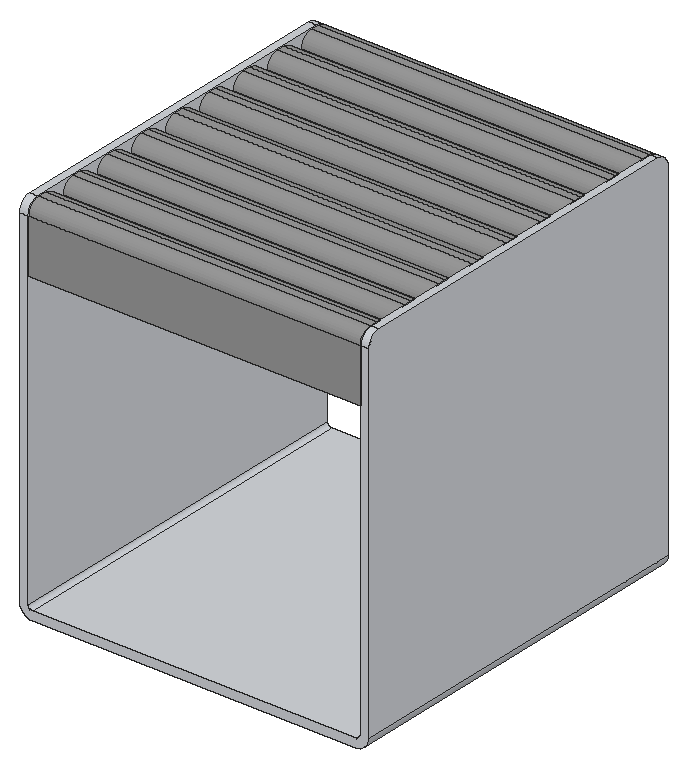
Revit family "Сиденье стальное «Энигма» без спинки Арт 21237", category Антураж, Revit 2018
Family settings
  На основе рабочей плоскости = Нет
  Всегда вертикально = Да
  При загрузке вырезать с полостями = Нет
  Источник визуального образа = Геометрия семейства
  Общий = Нет
  Точка расчета площади = Нет
Parameters (values of type "Сиденье стальное «Энигма» без спинки Арт 21237")
  Ширина = 450 mm  # constant formula
  Цвет сиденья = Новый материал (по умолчанию)
  Цвет каркаса = none
  Описание = "Сиденье стальное «Энигма» без спинки"  # constant formula
  Материал изделия = "Сталь, дерево"  # constant formula
  Изображение типоразмера = Сиденье стальное «Энигма» без спинки арт 21237.jpg
  Изготовитель = "ООО «Хоббика»"  # constant formula
  Длина = 420 mm  # constant formula
  Группа модели = "Скамейки"  # constant formula
  Высота = 450 mm  # constant formula
  Артикул товара = "Арт. 21237"  # constant formula
  URL = "https://hobbyka.ru/product/sidene_enigma/"
Reference planes
  plane 1 "По центру (Вперед/Назад)": y = 0
  plane 2: z = 0
  plane 3 "По центру (Влево/Вправо)": x = 0
  plane 4: x = 420
  plane 5: y = 450
  plane 6: z = 450
Forms (mm)
  Extrusion 1, solid, material <- "Цвет каркаса"
    sketch origin (0, 0, 0) x (1, 0, 0) y (0, 0, 1)
      loop
        arc (0, 15) -> (4.393, 4.393) -> (15, 0) r 15
        line (15, 0) -> (405, 0)
        arc (405, 0) -> (415.607, 4.393) -> (420, 15) r 15
        line (420, 15) -> (420, 450) -> (410, 450) -> (410, 15)
        arc (410, 15) -> (408.536, 11.464) -> (405, 10) r 5
        line (405, 10) -> (15, 10)
        arc (15, 10) -> (11.464, 11.464) -> (10, 15) r 5
        line (10, 15) -> (10, 450) -> (0, 450) -> (0, 15)
    from 0 to -450
  Extrusion 2, void
    sketch origin (0, 0, 350) x (0, 0, -1) y (0, 1, 0)
      loop
        line (-100, 0) -> (-85, 0)
        arc (-85, 0) -> (-95.607, 4.393) -> (-100, 15) r 15
        line (-100, 15) -> (-100, 0)
      loop
        line (-100, 450) -> (-100, 435)
        arc (-100, 435) -> (-95.607, 445.607) -> (-85, 450) r 15
        line (-85, 450) -> (-100, 450)
    from 0 to 420
  Extrusion 3, solid, material "Новый материал (по умолчанию)" <- "Цвет сиденья"
    sketch origin (0, 0, 0) x (0, 1, 0) y (0, 0, 1)
      loop
        line (435, 450) -> (425, 450)
        arc (425, 450) -> (414.393, 445.607) -> (410, 435) r 15
        line (410, 435) -> (410, 370) -> (450, 370) -> (450, 435)
        arc (450, 435) -> (445.607, 445.607) -> (435, 450) r 15
    from 10 to 410
  Extrusion 4, solid, material "Новый материал (по умолчанию)" <- "Цвет сиденья"
    sketch origin (0, -410, 0) x (0, 1, 0) y (0, 0, 1)
      loop
        line (435, 450) -> (425, 450)
        arc (425, 450) -> (414.393, 445.607) -> (410, 435) r 15
        line (410, 435) -> (410, 370) -> (450, 370) -> (450, 435)
        arc (450, 435) -> (445.607, 445.607) -> (435, 450) r 15
    from 10 to 410
  Extrusion 5, solid, material "Новый материал (по умолчанию)" <- "Цвет сиденья"
    sketch origin (0, -51.25, 0) x (0, 1, 0) y (0, 0, 1)
      loop
        line (435, 450) -> (425, 450)
        arc (425, 450) -> (414.393, 445.607) -> (410, 435) r 15
        line (410, 435) -> (410, 370) -> (450, 370) -> (450, 435)
        arc (450, 435) -> (445.607, 445.607) -> (435, 450) r 15
    from 10 to 410
  Extrusion 6, solid, material "Новый материал (по умолчанию)" <- "Цвет сиденья"
    sketch origin (0, -102.5, 0) x (0, 1, 0) y (0, 0, 1)
      loop
        line (435, 450) -> (425, 450)
        arc (425, 450) -> (414.393, 445.607) -> (410, 435) r 15
        line (410, 435) -> (410, 370) -> (450, 370) -> (450, 435)
        arc (450, 435) -> (445.607, 445.607) -> (435, 450) r 15
    from 10 to 410
  Extrusion 7, solid, material "Новый материал (по умолчанию)" <- "Цвет сиденья"
    sketch origin (0, -153.75, 0) x (0, 1, 0) y (0, 0, 1)
      loop
        line (435, 450) -> (425, 450)
        arc (425, 450) -> (414.393, 445.607) -> (410, 435) r 15
        line (410, 435) -> (410, 370) -> (450, 370) -> (450, 435)
        arc (450, 435) -> (445.607, 445.607) -> (435, 450) r 15
    from 10 to 410
  Extrusion 8, solid, material "Новый материал (по умолчанию)" <- "Цвет сиденья"
    sketch origin (0, -205, 0) x (0, 1, 0) y (0, 0, 1)
      loop
        line (435, 450) -> (425, 450)
        arc (425, 450) -> (414.393, 445.607) -> (410, 435) r 15
        line (410, 435) -> (410, 370) -> (450, 370) -> (450, 435)
        arc (450, 435) -> (445.607, 445.607) -> (435, 450) r 15
    from 10 to 410
  Extrusion 9, solid, material "Новый материал (по умолчанию)" <- "Цвет сиденья"
    sketch origin (0, -256.25, 0) x (0, 1, 0) y (0, 0, 1)
      loop
        line (435, 450) -> (425, 450)
        arc (425, 450) -> (414.393, 445.607) -> (410, 435) r 15
        line (410, 435) -> (410, 370) -> (450, 370) -> (450, 435)
        arc (450, 435) -> (445.607, 445.607) -> (435, 450) r 15
    from 10 to 410
  Extrusion 10, solid, material "Новый материал (по умолчанию)" <- "Цвет сиденья"
    sketch origin (0, -307.5, 0) x (0, 1, 0) y (0, 0, 1)
      loop
        line (435, 450) -> (425, 450)
        arc (425, 450) -> (414.393, 445.607) -> (410, 435) r 15
        line (410, 435) -> (410, 370) -> (450, 370) -> (450, 435)
        arc (450, 435) -> (445.607, 445.607) -> (435, 450) r 15
    from 10 to 410
  Extrusion 11, solid, material "Новый материал (по умолчанию)" <- "Цвет сиденья"
    sketch origin (0, -358.75, 0) x (0, 1, 0) y (0, 0, 1)
      loop
        line (435, 450) -> (425, 450)
        arc (425, 450) -> (414.393, 445.607) -> (410, 435) r 15
        line (410, 435) -> (410, 370) -> (450, 370) -> (450, 435)
        arc (450, 435) -> (445.607, 445.607) -> (435, 450) r 15
    from 10 to 410
Cuts and joins
  Extrusion 2 cuts Extrusion 1
Dimensions and locks
  plane 5 to plane 1 "По центру (Вперед/Назад)" = 450 mm
  plane 3 "По центру (Влево/Вправо)" to plane 4 = 420 mm
  plane 6 to plane 2 = 450 mm
  equal spacing: group 1, group 3, group 4, group 5, group 6, group 7, group 8, group 9, group 2  (x2)
  equal spacing: group 2, group 9, group 8, group 7, group 6, group 5, group 4, group 3, group 1
  aligned and locked: level to plane 2
  aligned and locked: plane 3 "По центру (Влево/Вправо)" to Extrusion 1 sketch curve
  aligned and locked: plane 2 to Extrusion 1 sketch curve
  aligned and locked: Extrusion 1 sketch curve to plane 4
  aligned and locked: plane 5 to Extrusion 1
